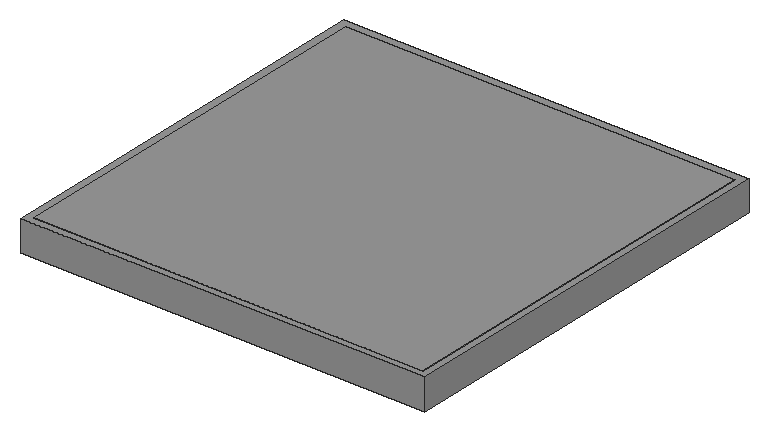
Revit family "ДВО-09 30 Вт Грильято DALI", category Осветительные приборы, Revit 2019 (continued)
Types (6, lengths in mm): name | Эффективность светильника | Файл фотометрической сетки | Тип рассеивателя | Световой поток модуля | built-in parameter 1150142 | Wattage | built-in parameter 1114217 | built-in parameter 1150134 | Lumens | built-in parameter 1150105 | Категория по ограничению яркости | built-in parameter 1150107 | built-in parameter 1150106 | Габаритная яркость | Артикул | URL
  ДВО-09-П-30-3К-IP40-Грильято-DALI | "143" | "INNOLUX 14 938 DVO-09-P-30-3K-IP40-DALI.ies" | "призма" | "1156" | "IESNA: LM-63-1995\r\n[TEST] lab - arhilight 1912722\r\n[MANUFAC] INNOLUX\r\n [LUMCAT] 14 938\r\n[LUMINAIRE] DVO-09-P-30-3Ê-IP40-DALI\r\n[LAMPCAT] LED 30W 3000K\r\n[MORE]  \r\n[MORE]\r\n[LAMPCAT] \r\n[LAMP] LED \r\n[BALLAST] NO\r\n[_PRODUCTGROUP] \r\n[_INFOLINK] This file is created by A.Arkhipov (www.arhilight.ru)\r\nTILT=NONE\r\n \r\n1 4292 4.292 181 145 1 2 0.588 0.588 0.045\r\n 1  1 30.0\r\n\r\n0 0.5 1 1.5 2 2.5 3 3.5 4 4.5 5 5.5 6 6.5 7 7.5 8 8.5 9 9.5 10 10.5 11 11.5 12 12.5 13 13.5 14 14.5 15 15.5 16 16.5 17 17.5 18 18.5 19 19.5 20 20.5 21 21.5 22 22.5 23 23.5 24 24.5 25 25.5 26 26.5 27 27.5 28 28.5 29 29.5 30 30.5 31 31.5 32 32.5 33 33.5 34 34.5 35 35.5 36 36.5 37 37.5 38 38.5 39 39.5 40 40.5 41 41.5 42 42.5 43 43.5 44 44.5 45 45.5 46 46.5 47 47.5 48 48.5 49 49.5 50 50.5 51 51.5 52 52.5 53 53.5 54 54.5 55 55.5 56 56.5 57 57.5 58 58.5 59 59.5 60 60.5 61 61.5 62 62.5 63 63.5 64 64.5 65 65.5 66 66.5 67 67.5 68 68.5 69 69.5 70 70.5 71 71.5 72 72.5 73 73.5 74 74.5 75 75.5 76 76.5 77 77.5 78 78.5 79 79.5 80 80.5 81 81.5 82 82.5 83 83.5 84 84.5 85 85.5 86 86.5 87 87.5 88 88.5 89 89.5 90\r\n\r\n0 2.5 5 7.5 10 12.5 15 17.5 20 22.5 25 27.5 30 32.5 35 37.5 40 42.5 45 47.5 50 52.5 55 57.5 60 62.5 65 67.5 70 72.5 75 77.5 80 82.5 85 87.5 90 92.5 95 97.5 100 102.5 105 107.5 110 112.5 115 117.5 120 122.5 125 127.5 130 132.5 135 137.5 140 142.5 145 147.5 150 152.5 155 157.5 160 162.5 165 167.5 170 172.5 175 177.5 180 182.5 185 187.5 190 192.5 195 197.5 200 202.5 205 207.5 210 212.5 215 217.5 220 222.5 225 227.5 230 232.5 235 237.5 240 242.5 245 247.5 250 252.5 255 257.5 260 262.5 265 267.5 270 272.5 275 277.5 280 282.5 285 287.5 290 292.5 295 297.5 300 302.5 305 307.5 310 312.5 315 317.5 320 322.5 325 327.5 330 332.5 335 337.5 340 342.5 345 347.5 350 352.5 355 357.5 360\r\n\r\n433.7 433.7 433.8 433.8 433.7 433.4 433.2 432.8 432.5 432.2 431.9 431.5 431.2 430.8 430.3 429.9 429.5 428.9 428.3 427.7 427 426.3 425.6 424.8 423.9 423.2 422.1 421.3 420.2 419.2 418.2 417.1 416 414.9 413.5 412.3 410.9 409.4 407.8 406.4 404.7 403.2 401.4 399.8 397.7 395.9 393.8 391.8 389.2 387.2 384.6 382.2 379.2 376.6 373.5 370.7 367.1 363.9 360.2 356.7 352.5 348.7 344.3 340.3 335.5 331.3 326.5 322.3 317.2 313 308.3 304 299.1 295 290.2 286.1 281.1 276.9 272.1 267.8 262.8 258.6 253.7 249.6 244.6 240.3 235.8 231.7 226.9 223 218.5 214.5 210.1 206.2 202 198.1 194 190.4 186.3 182.7 178.8 175.4 171.6 168.3 164.6 161.5 158 154.8 151.3 148.4 144.9 141.7 138.3 135.3 131.8 128.5 125 121.9 118.2 114.9 111.2 108 104.4 101.1 97.6 94.5 91 88 84.7 81.9 78.8 76.1 73.1 70.6 67.7 65.3 62.7 60.5 57.9 55.9 53.8 52.1 50.2 48.6 47 45.6 44.1 42.9 41.7 40.5 39.3 38.3 37.2 36.3 35.2 34.3 33.2 32.2 31.1 30.1 28.9 27.8 26.6 25.5 24.1 22.9 21.4 20 18.5 17.2 15.6 14.2 12.6 11.3 9.8 8.4 7.3 6.3 5.5 4.8 4.3\r\n433.6 433.6 433.5 433.4 433.3 433.1 432.8 432.4 432.1 431.8 431.5 431.1 430.8 430.4 429.8 429.4 428.9 428.3 427.7 427.1 426.3 425.6 424.9 424.1 423.3 422.4 421.4 420.7 419.6 418.5 417.4 416.4 415.2 414.1 412.6 411.4 409.9 408.5 406.9 405.4 403.7 402.1 400.3 398.6 396.5 394.7 392.5 390.4 387.9 385.7 383.1 380.6 377.6 374.9 371.8 368.9 365.2 362.1 358.3 354.9 350.8 347.2 343 339.2 334.6 330.8 326.2 322.3 317.6 313.6 309.1 305.2 300.5 296.7 292.3 288.5 283.9 280.1 275.7 271.8 267.3 263.4 259 255.1 250.6 246.6 242.3 238.4 233.8 230 225.6 221.7 217.4 213.6 209.3 205.5 201.3 197.7 193.5 189.7 185.6 182 177.9 174.2 170 166.4 162.2 158.4 154.3 150.6 146.4 142.6 138.4 134.8 130.7 126.9 122.9 119.4 115.4 111.8 108 104.6 100.9 97.5 93.9 90.8 87.3 84.3 81 78.1 75 72.3 69.4 66.9 64.2 61.9 59.4 57.4 55.1 53.3 51.4 49.8 48.1 46.7 45.3 44.1 42.8 41.8 40.7 39.7 38.6 37.7 36.6 35.8 34.7 33.7 32.7 31.7 30.6 29.6 28.5 27.6 26.4 25.4 24.1 23 21.6 20.3 18.7 17.3 15.6 14.1 12.5 11.1 9.4 8.1 6.8 5.8 4.8 4.2 3.8\r\n433.4 433.4 433.2 433.1 432.9 432.7 432.4 432.1 431.8 431.4 431.1 430.8 430.4 429.9 429.3 428.9 428.3 427.7 427 426.4 425.7 424.9 424.2 423.4 422.6 421.7 420.8 420 418.9 417.9 416.7 415.7 414.4 413.2 411.7 410.5 409 407.7 405.9 404.5 402.7 401 399.2 397.4 395.2 393.5 391.2 389.1 386.6 384.2 381.6 379 375.9 373.2 370 367.1 363.4 360.2 356.5 353.1 349.1 345.7 341.6 338.1 333.8 330.2 326 322.4 317.9 314.3 310 306.4 302 298.4 294.3 290.9 286.6 283.3 279.2 275.8 271.8 268.2 264.3 260.7 256.5 252.9 248.8 245.2 240.8 237 232.7 229 224.7 221 216.7 212.8 208.6 204.9 200.6 196.7 192.4 188.6 184.2 180 175.4 171.2 166.5 162.1 157.2 152.8 147.8 143.5 138.5 134.3 129.5 125.3 120.8 117 112.6 108.7 104.7 101.2 97.4 93.9 90.3 87.1 83.6 80.6 77.2 74.4 71.3 68.5 65.7 63.2 60.6 58.5 56.2 54.4 52.3 50.7 49 47.5 46 44.7 43.6 42.7 41.5 40.7 39.8 38.9 38 37.1 36.1 35.2 34.2 33.2 32.1 31.2 30.1 29.1 28.1 27.3 26.2 25.3 24.2 23.1 21.8 20.5 18.9 17.4 15.6 14 12.3 10.8 9.1 7.7 6.2 5.2 4.1 3.6 3.3\r\n433.4 433.4 433.2 433.1 432.8 432.6 432.3 432 431.7 431.3 431 430.6 430.3 429.8 429.4 428.9 428.3 427.7 426.9 426.3 425.6 424.8 424 423.2 422.4 421.5 420.5 419.7 418.6 417.5 416.4 415.4 414.1 412.9 411.5 410.3 408.9 407.5 405.8 404.3 402.6 401 399.1 397.3 395.2 393.4 391.2 389.1 386.6 384.3 381.7 379.2 376.1 373.4 370.2 367.2 363.5 360.3 356.6 353.2 349.2 345.7 341.7 338.1 333.8 330.2 325.9 322.3 317.7 314.1 309.7 305.9 301.4 297.7 293.4 289.7 285.1 281.5 277.3 273.6 269.2 265.5 261.3 257.7 253.3 249.6 245.4 241.8 237.3 233.6 229.2 225.4 221.1 217.5 213.2 209.3 205.1 201.5 197.2 193.5 189.2 185.5 181.3 177.3 172.8 168.8 164.2 160 155.3 151.1 146.3 142 137.2 133 128.4 124.2 119.7 115.9 111.6 107.7 103.7 100.2 96.4 93 89.4 86.3 82.9 79.9 76.6 73.8 70.8 68.1 65.2 62.9 60.2 58.1 55.8 53.9 51.8 50.1 48.4 46.9 45.3 44 42.8 41.8 40.6 39.7 38.7 37.9 36.9 36.1 35.1 34.2 33.2 32.3 31.2 30.3 29.2 28.3 27.3 26.4 25.3 24.3 23.2 22.1 20.8 19.5 18 16.6 14.9 13.4 11.8 10.3 8.7 7.4 6 5 4 3.6 3.3\r\n433.4 433.4 433.2 433.1 432.8 432.5 432.2 431.9 431.6 431.2 430.8 430.5 430.2 429.8 429.4 428.8 428.3 427.7 426.9 426.2 425.5 424.7 423.8 422.9 422.2 421.2 420.2 419.3 418.3 417.2 416.2 415 413.9 412.7 411.3 410.1 408.7 407.3 405.7 404.2 402.6 400.9 399.1 397.3 395.2 393.3 391.1 389.1 386.6 384.3 381.8 379.3 376.2 373.5 370.3 367.3 363.7 360.4 356.7 353.4 349.3 345.8 341.8 338.2 333.9 330.1 325.9 322.2 317.6 313.8 309.4 305.5 300.9 297 292.4 288.4 283.6 279.8 275.3 271.3 266.6 262.8 258.4 254.6 250.1 246.4 242.1 238.4 233.9 230.1 225.7 221.8 217.6 213.9 209.6 205.8 201.6 198.1 193.9 190.2 186.1 182.5 178.4 174.5 170.3 166.4 162 158 153.4 149.4 144.8 140.5 135.9 131.8 127.3 123.1 118.6 114.8 110.6 106.7 102.8 99.3 95.5 92.1 88.6 85.5 82.1 79.1 75.9 73.3 70.3 67.6 64.8 62.5 59.8 57.7 55.4 53.5 51.2 49.6 47.7 46.3 44.5 43.3 42 40.9 39.7 38.7 37.7 36.9 35.9 35 34.1 33.2 32.2 31.4 30.3 29.4 28.4 27.5 26.4 25.6 24.4 23.4 22.2 21.1 19.7 18.5 17.1 15.7 14.2 12.8 11.3 9.8 8.2 7 5.7 4.8 4 3.5 3.3\r\n433.4 433.3 433.1 433 432.7 432.5 432.2 432 431.6 431.2 430.8 430.5 430 429.6 429.1 428.6 428.1 427.4 426.7 426 425.3 424.5 423.7 422.8 422 421.1 420.1 419.2 418.1 417.1 415.9 414.8 413.5 412.3 410.9 409.6 408.1 406.6 405 403.5 401.8 400.1 398.3 396.6 394.5 392.6 390.6 388.6 386.2 384.1 381.7 379.4 376.5 373.9 370.9 368.2 364.7 361.7 358.1 354.9 350.9 347.4 343.3 339.6 335.1 331.1 326.6 322.5 317.6 313.4 308.5 304.2 299.2 294.9 290 285.8 280.7 276.6 271.9 267.9 263.1 259.2 254.7 250.9 246.3 242.6 238.2 234.5 230 226.2 221.9 217.9 213.7 210 205.7 201.8 197.5 193.9 189.6 185.9 181.7 178 173.8 170 165.9 162.2 157.9 154.2 149.9 146.2 142 138.2 134 130.4 126.3 122.6 118.6 115.2 111.4 108 104.3 101.2 97.7 94.5 91.2 88.3 85.2 82.3 79.2 76.6 73.7 71.1 68.4 66.1 63.4 61.1 58.7 56.6 54.2 52.3 50.2 48.4 46.4 44.8 43.2 41.7 40.2 38.8 37.5 36.4 35.1 34 32.8 31.8 30.6 29.6 28.4 27.4 26.2 25.2 24.1 23.1 21.9 20.8 19.6 18.5 17.2 16 14.6 13.4 12 10.8 9.4 8.2 7 6 5 4.4 3.8 3.5 3.3\r\n433.4 433.2 433.1 432.9 432.7 432.5 432.2 432 431.6 431.3 430.8 430.5 429.9 429.4 428.8 428.4 427.8 427.1 426.4 425.8 425 424.3 423.6 422.7 421.9 421 419.9 419 417.9 417 415.6 414.6 413.2 412 410.4 409.1 407.5 405.9 404.3 402.7 401 399.2 397.4 395.8 393.9 392 390 388.2 385.9 383.9 381.5 379.4 376.7 374.4 371.5 369 365.7 363 359.5 356.5 352.5 349 344.9 341 336.3 332.2 327.3 322.9 317.5 312.9 307.6 303 297.5 292.8 287.6 283.2 277.8 273.4 268.5 264.4 259.6 255.5 251 247.1 242.6 238.7 234.4 230.6 226.2 222.3 218.1 214 209.8 206 201.7 197.8 193.5 189.7 185.4 181.5 177.3 173.5 169.3 165.6 161.5 157.9 153.9 150.3 146.4 143 139.2 135.8 132.1 128.9 125.3 122.1 118.7 115.7 112.2 109.2 105.9 103 99.8 97 93.8 91.1 88.2 85.4 82.5 80 77.2 74.6 71.9 69.6 66.9 64.6 62 59.7 57.2 55 52.6 50.5 48.2 46.3 44.3 42.5 40.6 39 37.3 36 34.3 33 31.6 30.3 29 27.8 26.5 25.4 24.1 22.9 21.7 20.6 19.3 18.2 17 15.9 14.6 13.4 12.2 11.1 9.8 8.7 7.6 6.6 5.7 5 4.3 4 3.7 3.5 3.4\r\n433.6 433.5 433.5 433.4 433.2 433 432.7 432.4 432.1 431.8 431.3 431 430.5 430.1 429.6 429.1 428.6 428 427.4 426.8 426 425.3 424.6 423.8 422.9 422.1 421 420.2 419.1 418.1 416.9 415.9 414.6 413.4 412 410.7 409.2 407.7 406 404.6 402.9 401.2 399.4 397.8 395.8 394 391.9 390 387.6 385.6 383.1 380.8 378 375.5 372.5 369.8 366.4 363.5 359.8 356.6 352.5 348.9 344.6 340.7 335.9 331.7 326.9 322.6 317.4 312.9 308 303.5 298.3 293.9 288.9 284.6 279.5 275.2 270.3 266.1 261.2 257.1 252.3 248.3 243.6 239.5 235.1 231.2 226.5 222.7 218.3 214.3 209.9 206.1 201.8 197.9 193.7 190.1 185.9 182.1 178 174.5 170.5 166.9 163 159.7 155.9 152.6 148.9 145.7 142.1 138.7 135.2 132.1 128.6 125.3 121.8 118.8 115.2 112.1 108.6 105.5 102.1 99 95.7 92.8 89.6 86.7 83.6 81 78 75.4 72.5 70.1 67.3 64.9 62.3 60.1 57.5 55.5 53.2 51.3 49.2 47.5 45.7 44.1 42.4 41 39.5 38.2 36.8 35.6 34.4 33.3 32.1 31 29.8 28.8 27.6 26.5 25.3 24.2 22.9 21.9 20.5 19.4 18 16.7 15.4 14.2 12.7 11.5 10.1 9 7.7 6.7 5.8 5.2 4.6 4.1 3.8\r\n433.7 433.7 433.8 433.8 433.7 433.4 433.2 432.8 432.5 432.2 431.9 431.5 431.2 430.8 430.3 429.9 429.5 428.9 428.3 427.7 427 426.3 425.6 424.8 423.9 423.2 422.1 421.3 420.2 419.2 418.2 417.1 416 414.9 413.5 412.3 410.9 409.4 407.8 406.4 404.7 403.2 401.4 399.8 397.7 395.9 393.8 391.8 389.2 387.2 384.6 382.2 379.2 376.6 373.5 370.7 367.1 363.9 360.2 356.7 352.5 348.7 344.3 340.3 335.5 331.3 326.5 322.3 317.2 313 308.3 304 299.1 295 290.2 286.1 281.1 276.9 272.1 267.8 262.8 258.6 253.7 249.6 244.6 240.3 235.8 231.7 226.9 223 218.5 214.5 210.1 206.2 202 198.1 194 190.4 186.3 182.7 178.8 175.4 171.6 168.3 164.6 161.5 158 154.8 151.3 148.4 144.9 141.7 138.3 135.3 131.8 128.5 125 121.9 118.2 114.9 111.2 108 104.4 101.1 97.6 94.5 91 88 84.7 81.9 78.8 76.1 73.1 70.6 67.7 65.3 62.7 60.5 57.9 55.9 53.8 52.1 50.2 48.6 47 45.6 44.1 42.9 41.7 40.5 39.3 38.3 37.2 36.3 35.2 34.3 33.2 32.2 31.1 30.1 28.9 27.8 26.6 25.5 24.1 22.9 21.4 20 18.5 17.2 15.6 14.2 12.6 11.3 9.8 8.4 7.3 6.3 5.5 4.8 4.3\r\n433.6 433.6 433.5 433.4 433.3 433.1 432.8 432.4 432.1 431.8 431.5 431.1 430.8 430.4 429.8 429.4 428.9 428.3 427.7 427.1 426.3 425.6 424.9 424.1 423.3 422.5 421.4 420.7 419.6 418.5 417.4 416.4 415.2 414.1 412.6 411.4 409.9 408.5 406.9 405.4 403.7 402.1 400.3 398.6 396.5 394.7 392.5 390.4 387.9 385.7 383.1 380.6 377.6 374.9 371.8 368.9 365.2 362.1 358.3 354.9 350.8 347.2 343 339.2 334.6 330.8 326.2 322.3 317.6 313.6 309.1 305.2 300.5 296.7 292.3 288.5 283.9 280.1 275.7 271.8 267.3 263.4 259 255.1 250.6 246.6 242.3 238.4 233.8 230 225.6 221.7 217.4 213.6 209.3 205.5 201.3 197.7 193.5 189.7 185.6 182 177.9 174.2 170 166.4 162.2 158.4 154.3 150.6 146.4 142.6 138.4 134.8 130.7 126.9 122.9 119.4 115.4 111.8 108 104.6 100.9 97.5 93.9 90.8 87.3 84.3 81 78.1 75 72.3 69.4 66.9 64.2 61.9 59.5 57.4 55.1 53.3 51.4 49.8 48.1 46.7 45.3 44.1 42.8 41.8 40.7 39.7 38.6 37.7 36.6 35.8 34.7 33.7 32.7 31.7 30.6 29.6 28.5 27.5 26.4 25.4 24.1 23 21.6 20.3 18.7 17.3 15.6 14.1 12.5 11.1 9.5 8.1 6.8 5.8 4.8 4.2 3.8\r\n433.4 433.4 433.2 433.1 432.9 432.7 432.4 432.1 431.8 431.4 431.1 430.8 430.4 429.9 429.3 428.9 428.3 427.7 427 426.4 425.7 424.9 424.2 423.4 422.6 421.7 420.8 420 418.9 417.9 416.7 415.7 414.3 413.2 411.7 410.5 409 407.7 405.9 404.5 402.7 401 399.2 397.4 395.3 393.5 391.3 389.1 386.6 384.3 381.6 379 375.9 373.2 370 367.1 363.4 360.2 356.5 353.1 349.1 345.7 341.6 338.1 333.8 330.2 326 322.4 317.9 314.3 310 306.4 302 298.4 294.3 290.9 286.6 283.3 279.2 275.8 271.8 268.2 264.3 260.7 256.5 252.9 248.8 245.2 240.8 237 232.7 229 224.6 221 216.7 212.8 208.6 204.9 200.6 196.7 192.4 188.6 184.2 180 175.4 171.2 166.5 162.1 157.2 152.8 147.8 143.5 138.5 134.3 129.5 125.3 120.8 117 112.6 108.7 104.7 101.2 97.4 93.9 90.3 87.1 83.7 80.6 77.2 74.4 71.3 68.5 65.7 63.2 60.6 58.5 56.2 54.4 52.3 50.7 49 47.4 46 44.7 43.6 42.7 41.5 40.7 39.8 38.9 38 37.1 36.1 35.2 34.2 33.2 32.1 31.2 30.1 29.1 28.1 27.3 26.2 25.3 24.2 23.1 21.8 20.5 18.9 17.4 15.6 14.1 12.3 10.8 9.1 7.7 6.2 5.2 4.1 3.6 3.3\r\n433.4 433.4 433.2 433.1 432.8 432.6 432.3 432 431.7 431.3 431 430.6 430.3 429.8 429.4 428.9 428.3 427.7 426.9 426.3 425.6 424.8 424 423.2 422.4 421.5 420.5 419.6 418.6 417.5 416.4 415.4 414.1 412.9 411.5 410.3 408.9 407.5 405.8 404.3 402.6 401 399.1 397.3 395.2 393.4 391.2 389.1 386.6 384.3 381.7 379.2 376.1 373.4 370.2 367.2 363.5 360.3 356.6 353.2 349.2 345.7 341.7 338.1 333.8 330.2 325.9 322.3 317.7 314.1 309.7 305.9 301.4 297.7 293.4 289.7 285.1 281.5 277.3 273.6 269.2 265.5 261.3 257.7 253.3 249.6 245.4 241.8 237.3 233.5 229.2 225.4 221.1 217.5 213.1 209.3 205.1 201.5 197.2 193.5 189.2 185.5 181.3 177.3 172.8 168.8 164.2 160 155.3 151.1 146.3 142 137.2 133.1 128.4 124.2 119.7 115.9 111.6 107.7 103.7 100.2 96.4 93 89.4 86.3 82.9 79.9 76.6 73.8 70.8 68.1 65.3 62.9 60.2 58.1 55.8 53.9 51.8 50.1 48.4 46.9 45.3 44 42.8 41.8 40.6 39.7 38.7 37.9 36.9 36.1 35.1 34.2 33.2 32.3 31.2 30.3 29.2 28.3 27.3 26.4 25.3 24.3 23.2 22.1 20.8 19.5 18 16.6 14.9 13.4 11.8 10.3 8.7 7.4 6 5 4 3.5 3.3\r\n433.4 433.4 433.2 433.1 432.8 432.5 432.2 431.9 431.6 431.2 430.8 430.5 430.2 429.8 429.4 428.8 428.3 427.7 426.9 426.2 425.5 424.7 423.8 422.9 422.2 421.2 420.2 419.3 418.3 417.2 416.2 415 413.9 412.7 411.3 410.1 408.7 407.3 405.7 404.2 402.6 400.9 399.1 397.3 395.2 393.3 391.1 389.1 386.6 384.3 381.8 379.3 376.2 373.5 370.3 367.3 363.7 360.4 356.7 353.4 349.3 345.8 341.8 338.2 333.9 330.1 325.9 322.2 317.6 313.8 309.4 305.5 300.9 297 292.4 288.4 283.6 279.8 275.3 271.3 266.6 262.8 258.4 254.6 250.1 246.4 242.1 238.4 233.9 230.1 225.7 221.8 217.6 213.9 209.6 205.8 201.6 198.1 193.9 190.2 186.1 182.5 178.4 174.5 170.3 166.4 162 158 153.4 149.4 144.8 140.5 135.9 131.8 127.3 123.1 118.6 114.8 110.6 106.7 102.8 99.3 95.5 92.1 88.6 85.5 82.1 79.1 75.9 73.3 70.3 67.6 64.8 62.5 59.8 57.7 55.4 53.5 51.2 49.6 47.7 46.3 44.5 43.3 42 40.9 39.7 38.7 37.7 36.9 35.9 35 34.1 33.2 32.2 31.4 30.3 29.4 28.4 27.5 26.4 25.6 24.4 23.4 22.2 21.1 19.7 18.5 17.1 15.7 14.2 12.8 11.3 9.8 8.2 7 5.7 4.8 4 3.5 3.3\r\n433.4 433.3 433.1 433 432.7 432.5 432.2 432 431.6 431.2 430.8 430.5 430 429.6 429.1 428.6 428.1 427.4 426.7 426 425.3 424.5 423.7 422.8 422 421.1 420.1 419.2 418.1 417.1 415.9 414.8 413.5 412.3 410.9 409.6 408.1 406.6 405 403.5 401.8 400.1 398.3 396.6 394.5 392.6 390.6 388.6 386.2 384.1 381.7 379.4 376.5 373.9 370.9 368.2 364.7 361.7 358.1 354.9 350.9 347.4 343.3 339.6 335.1 331.1 326.6 322.5 317.6 313.4 308.5 304.2 299.2 294.9 290 285.8 280.7 276.6 271.9 267.9 263.1 259.2 254.7 250.9 246.3 242.6 238.2 234.5 230 226.2 221.9 217.9 213.7 210 205.7 201.8 197.5 193.9 189.6 185.9 181.7 178 173.8 170 165.9 162.2 157.9 154.2 149.9 146.2 142 138.2 134 130.4 126.3 122.6 118.6 115.2 111.4 108 104.3 101.2 97.7 94.5 91.2 88.3 85.2 82.3 79.2 76.6 73.7 71.1 68.4 66.1 63.4 61.1 58.7 56.6 54.2 52.3 50.2 48.4 46.4 44.8 43.2 41.7 40.2 38.8 37.5 36.4 35.1 34 32.8 31.8 30.6 29.6 28.4 27.4 26.2 25.2 24.1 23.1 21.9 20.8 19.6 18.5 17.2 16 14.6 13.4 12 10.8 9.4 8.2 7 6 5 4.4 3.8 3.5 3.3\r\n433.4 433.2 433.1 432.9 432.7 432.5 432.2 432 431.6 431.3 430.8 430.5 429.9 429.4 428.8 428.4 427.8 427.1 426.4 425.8 425 424.3 423.6 422.7 421.9 421 419.9 
